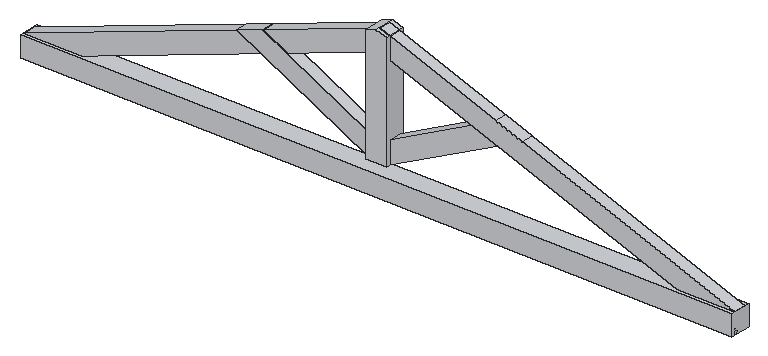
Revit family
Parameters
  Tables_Depth = 4.00 cm
  Saeta_Inclination [instance] = Inclination / 2  # 10.00°
  Length [instance] = 700.00 cm
  Inclination [instance] = 20.00°
  Height = 20.00 cm
Reference planes (cm)
  plane 1 "Center (Front/Back)": y = 0
  plane 2 "Center Elevation": z = 0
  plane 3 "Center (Left/Right)": x = 0
  plane 4 "Left": x = -350
  plane 5 "Member Left": x = -125
  plane 6 "Stick Symbol Left": x = -100
  plane 7 "Right": x = 350
  plane 8 "Member Right": x = 125
  plane 9 "Stick Symbol Right": x = 100
  plane 10: y = 2
  plane 11: y = 6
  plane 12: y = 10
  plane 13: y = -2
  plane 14: y = -6
  plane 15: y = -10
  plane 16: z = 20
  plane 17: x = 10
  plane 18: x = -10
  plane 19: x = -175
  plane 20: z = 30
Forms (cm)
  Extrusion 1, solid
    sketch origin (0, 0, 0) x (1, 0, 0) y (0, 1, 0)
      loop
        line (-350, 10) -> (-350, -10) -> (350, -10) -> (350, 10) -> (-350, 10)
    from 0 to 20
  Extrusion 2, solid
    sketch origin (-350, 0, 20) x (0.939693, 0, 0.34202) y (-0.34202, 0, 0.939693)
      loop
        line (0, 0) -> (-6.8404, -18.7939) -> (-3.5265, -20) -> (365.1828, -20) -> (372.4622, 0) -> (0, 0)
    from -6 to 6
  Extrusion 3, solid
    sketch origin (350, 0, 20) x (-0.939693, 0, 0.34202) y (-0.34202, 0, -0.939693)
      loop
        line (0, 0) -> (372.4622, 0) -> (365.1828, 20) -> (-3.5265, 20) -> (-6.8404, 18.7939) -> (0, 0)
    from -6 to 6
  Extrusion 4, solid
    sketch origin (0, 0, 0) x (1, 0, 0) y (0, 0, 1)
      loop
        line (-10, 30) -> (10, 30) -> (10, 143.7499) -> (0, 147.3896) -> (-10, 143.7499) -> (-10, 30)
    from -10 to 10
  Extrusion 5, solid
    sketch origin (-10, 0, 30) x (-0.890894, 0, 0.454211) y (-0.454211, 0, -0.890894)
      loop
        line (0, 0) -> (10.1968, -20) -> (127.4787, -20) -> (146.1198, 0) -> (0, 0)
    from -6 to 6
  Extrusion 6, solid
    sketch origin (10, 0, 30) x (0.890927, 0, 0.454146) y (-0.454146, 0, 0.890927)
      loop
        line (0, 0) -> (146.1297, 0) -> (127.486, 20) -> (10.1949, 20) -> (0, 0)
    from -6 to 6
Lines and regions (cm)
  reference lines
    curve 1: line (-350, 0, 20) -> (-9.8313, 0, 143.8113)
    curve 2: line (350, 0, 20) -> (7.9519, 0, 144.4953)
    curve 3: line (-10, 0, 30) -> (-223.7935, 0, 139)
    curve 4: line (10, 0, 30) -> (189.9673, 0, 121.7375)
Dimensions and locks (cm)
  equal spacing: plane 4 "Left", plane 3 "Center (Left/Right)", plane 7 "Right"
  "Length": plane 4 "Left" to plane 7 "Right"
  equal spacing: plane 10, plane 1 "Center (Front/Back)", plane 13
  "Tables_Depth": plane 14 to plane 15
  "Tables_Depth": plane 10 to plane 13
  "Tables_Depth": plane 13 to plane 14
  "Tables_Depth": plane 11 to plane 10
  "Tables_Depth": plane 12 to plane 11
  "Height": plane 16 to plane 2 "Center Elevation"
  "Height": Extrusion 2 sketch curve to Extrusion 2 sketch curve
  "Height": Extrusion 2 to Extrusion 2
  "Height": Extrusion 3 sketch curve to Extrusion 3 sketch curve
  equal spacing: plane 18, plane 3 "Center (Left/Right)", plane 17
  "Height": plane 18 to plane 17
  equal spacing: plane 4 "Left", plane 19, plane 3 "Center (Left/Right)"
  "Height": Extrusion 5 sketch curve to Extrusion 5 sketch curve
  "Height": Extrusion 6 sketch curve to Extrusion 6 sketch curve
  "Inclination": angle plane 16 to curve 1
  "Inclination": angle curve 2 to plane 16
  aligned and locked: plane 16 to curve 1
  aligned and locked: plane 7 "Right" to curve 2
  aligned and locked: plane 4 "Left" to Extrusion 1 sketch curve
  aligned and locked: Extrusion 1 sketch curve to plane 12
  aligned and locked: Extrusion 1 sketch curve to plane 15
  aligned and locked: plane 7 "Right" to Extrusion 1 sketch curve
  aligned and locked: plane 16 to Extrusion 1
  aligned and locked: Extrusion 2 sketch curve to curve 1
  aligned and locked: Extrusion 2 sketch curve to plane 4 "Left"
  aligned and locked: Extrusion 2 sketch curve to Extrusion 1
  aligned and locked: Extrusion 2 sketch curve to plane 3 "Center (Left/Right)"
  aligned and locked: plane 11 to Extrusion 2
  aligned and locked: Extrusion 2 to plane 14
  aligned and locked: Extrusion 3 sketch curve to curve 2
  aligned and locked: Extrusion 3 sketch curve to plane 3 "Center (Left/Right)"
  aligned and locked: Extrusion 3 sketch curve to level
  aligned and locked: Extrusion 3 sketch curve to plane 7 "Right"
  aligned and locked: Extrusion 3 to plane 11
  aligned and locked: Extrusion 3 to plane 14
  aligned and locked: Extrusion 4 sketch curve to plane 18
  aligned and locked: Extrusion 4 sketch curve to plane 17
  aligned and locked: curve 2 to Extrusion 4 sketch curve
  aligned and locked: curve 1 to Extrusion 4 sketch curve
  aligned and locked: plane 12 to Extrusion 4
  aligned and locked: Extrusion 4 to plane 15
  aligned and locked: Extrusion 4 to plane 20
  aligned and locked: Extrusion 5 sketch curve to curve 3
  aligned and locked: Extrusion 5 sketch curve to plane 18
  aligned and locked: curve 1 to Extrusion 5 sketch curve
  aligned and locked: plane 11 to Extrusion 5
  aligned and locked: Extrusion 5 to plane 14
  aligned and locked: Extrusion 6 sketch curve to curve 4
  aligned and locked: curve 2 to Extrusion 6 sketch curve
  aligned and locked: Extrusion 6 sketch curve to plane 17
  aligned and locked: plane 11 to Extrusion 6
  aligned and locked: Extrusion 6 to plane 14
Automatic sketch dimensions
  level to Extrusion 4 sketch curve = 30.00 cm
  curve 1 to plane 4 "Left" = 0.00 cm
  curve 3 to plane 18 = 0.00 cm
  curve 4 to plane 17 = 0.00 cm
  curve 2 to plane 16 = 0.00 cm
  curve 3 to plane 20 = 0.00 cm
  curve 4 to plane 20 = 0.00 cm
  curve 4 to plane 8 "Member Right" = 64.9673 cm
  plane 20 to curve 4 = 91.7375 cm
  plane 19 to curve 3 = 48.7935 cm
  plane 20 to curve 3 = 109.00 cm
